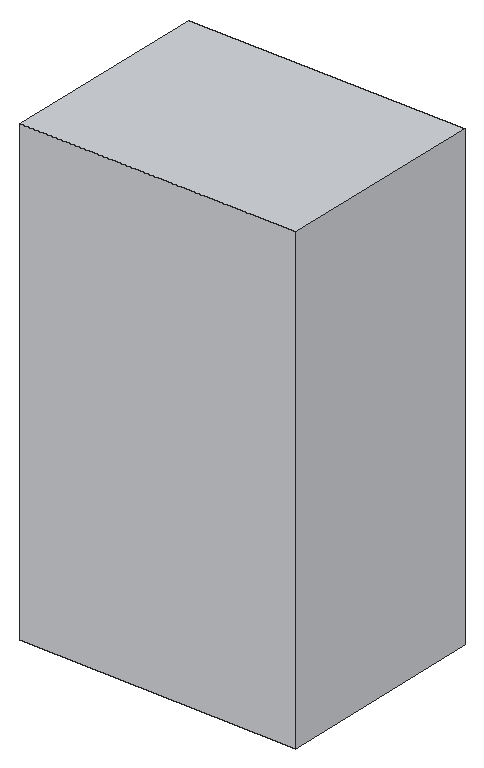
Revit family
Parameters
  Warranty Duration (Years) = 0
  Unit Length [instance] = 0' - 7 3/4"
  URL = "http://www.americanspecialties.com/viewCategories.cfm"
  Test Data = ""
  Trim Material = Metal - Chrome
  Specification = "http://www.arcat.com/sdspecs/htm/10810asi.htm"
  SpecWizard = ""
  Send Message = "http://www.arcat.com/users.pl?action=UserEmail&company=American%20Specialties,%20Inc.&coid=30448&rep=139&fax=914-476-0688&mf="
  Sales Information = "http://www.americanspecialties.com/contact"
  Revision = "R1_10-2010"
  Product Properties = "http://www.americanspecialties.com/datasheets/0715.pdf"
  Product Data = "http://www.arcat.com/arcatcos/cos30/arc30448.html"
  Model = "As Specified in 10 28 13"
  Manufacturer Website = "http://www.americanspecialties.com/viewCategories.cfm"
  Manufacturer Phone - Toll Free = ""
  Manufacturer Phone = "914-476-9000 "
  Manufacturer Fax = "914-476-0688"
  Manufacturer Address = "441 Saw Mill River Rd., Yonkers, NY 10701"
  Manufacturer = "American Specialties, Inc."
  Maintenance Schedule (Months) = 0
  Keynote = "10 28 13"
  Installation-Fabrication = "http://www.americanspecialties.com/products.cfm"
  Green Building-LEED = ""
  Expected Lifespan (Years) = 0
  Body Material = Metal - Chrome
  Drawn By = "Robert S. Weygant. CSI, CDT, SCIP"  # constant formula
  Description = "Toilet Accessory as Specified in 10 28 13"
  Default Elevation = 4' - 0"
  Copyright = "©Arcat Inc."
  Construction Details = "http://www.arcat.com/green/clients/leed_data_30448.html"
  Building Codes = "http://www.americanspecialties.com/products.cfm"
  Assembly Code = "C1030210"
Reference planes (in)
  plane 1 "Center (Front/Back)": y = -0.29112
  plane 2 "Floor Line": z = 0
  plane 3 "Center (Left/Right)": x = -0.65843
  plane 4: z = 0.125
  plane 5: y = 1.08388
  plane 6: y = -1.66612
  plane 7: x = -6.84593
  plane 8: x = 5.52907
  plane 9: z = 4.25
  plane 10: x = 5.27907
  plane 11: x = 4.77907
  plane 12: x = -6.59593
  plane 13: x = -6.09593
  plane 14: x = -1.15843
  plane 15: x = -0.15843
  plane 16: z = 3.5
  plane 17: x = -1.65843
  plane 18: x = 0.34157
  plane 19: x = 4.77907
  plane 20: z = 3.4375
Forms (in)
  Extrusion 1, solid
    sketch origin (-3, -9, -6) x (0, 0, -1) y (1, 0, 0)
      loop
        line (-82, 26) -> (-82, -19.34712) -> (-6, -19.34712) -> (-6, 26) -> (-82, 26)
    from 9 to -25.60721
  Extrusion 2, solid, material "Metal - Chrome" <- "Body Material"
    sketch origin (4.0073, 1.98146, 0) x (1, 0, 0) y (0, 1, 0)
      loop
        arc (-10.72823, -0.89758) -> (-10.81662, -0.93419) -> (-10.85323, -1.02258) r 0.125
        line (-10.85323, -1.02258) -> (-10.85323, -3.52258)
        arc (-10.85323, -3.52258) -> (-10.81662, -3.61097) -> (-10.72823, -3.64758) r 0.125
        line (-10.72823, -3.64758) -> (1.39677, -3.64758)
        arc (1.39677, -3.64758) -> (1.48516, -3.61097) -> (1.52177, -3.52258) r 0.125
        line (1.52177, -3.52258) -> (1.52177, -1.02258)
        arc (1.52177, -1.02258) -> (1.48516, -0.93419) -> (1.39677, -0.89758) r 0.125
        line (1.39677, -0.89758) -> (-10.72823, -0.89758)
    from 0 to 0.125
  Extrusion 3, solid, material "Metal - Chrome" <- "Body Material"
    sketch origin (0, -0.29112, 0) x (1, 0, 0) y (0, 0, 1)
      loop
        line (5.27907, 0.125) -> (5.27907, 4.25) -> (5.21657, 4.25) -> (5.21657, 3.24255) -> (5.18738, 3.21336) -> (5.11892, 0.48919)
        arc (5.11892, 0.48919) -> (5.11388, 0.46612) -> (5.10063, 0.44657) r 0.0625
        line (5.10063, 0.44657) -> (5.05719, 0.40313)
        arc (5.05719, 0.40313) -> (5.03638, 0.37197) -> (5.02907, 0.33522) r 0.09603
        line (5.02907, 0.33522) -> (5.02907, 0.125) -> (5.27907, 0.125)
    from -1 to 1
  Extrusion 4, solid, material "Metal - Chrome" <- "Body Material"
    sketch origin (-1.31687, -0.29112, 0) x (-1, 0, 0) y (0, 0, -1)
      loop
        line (5.27907, -0.125) -> (5.02907, -0.125) -> (5.02907, -0.33522)
        arc (5.02907, -0.33522) -> (5.03638, -0.37197) -> (5.05719, -0.40313) r 0.09603
        line (5.05719, -0.40313) -> (5.10063, -0.44657)
        arc (5.10063, -0.44657) -> (5.11388, -0.46612) -> (5.11892, -0.48919) r 0.0625
        line (5.11892, -0.48919) -> (5.18738, -3.21336) -> (5.21657, -3.24255) -> (5.21657, -4.25) -> (5.27907, -4.25) -> (5.27907, -0.125)
    from -1 to 1
  Extrusion 5, solid, material "Metal - Chrome" <- "Body Material"
    sketch origin (-6.4375, -0.29112, 0) x (1, 0, 0) y (0, 0, 1)
      loop
        line (5.27907, 0.125) -> (5.27907, 4.25) -> (5.21657, 4.25) -> (5.21657, 3.24255) -> (5.18738, 3.21336) -> (5.11892, 0.48919)
        arc (5.11892, 0.48919) -> (5.11388, 0.46612) -> (5.10063, 0.44657) r 0.0625
        line (5.10063, 0.44657) -> (5.05719, 0.40313)
        arc (5.05719, 0.40313) -> (5.03638, 0.37197) -> (5.02907, 0.33522) r 0.09603
        line (5.02907, 0.33522) -> (5.02907, 0.125) -> (5.27907, 0.125)
    from -1 to 1
  Extrusion 6, solid, material "Metal - Chrome" <- "Body Material"
    sketch origin (5.12063, -0.29112, 0) x (-1, 0, 0) y (0, 0, -1)
      loop
        line (5.27907, -0.125) -> (5.02907, -0.125) -> (5.02907, -0.33522)
        arc (5.02907, -0.33522) -> (5.03638, -0.37197) -> (5.05719, -0.40313) r 0.09603
        line (5.05719, -0.40313) -> (5.10063, -0.44657)
        arc (5.10063, -0.44657) -> (5.11388, -0.46612) -> (5.11892, -0.48919) r 0.0625
        line (5.11892, -0.48919) -> (5.18738, -3.21336) -> (5.21657, -3.24255) -> (5.21657, -4.25) -> (5.27907, -4.25) -> (5.27907, -0.125)
    from -1 to 1
  Extrusion 7, void
    sketch origin (-0.65843, 0, 0) x (0, 1, 0) y (0, 0, 1)
      loop
        line (0.70888, 0.48919) -> (0.79861, 0.48919) -> (0.79861, 4.34735) -> (-1.38085, 4.34735) -> (-1.38085, 0.48919) -> (-1.29112, 0.48919) -> (-0.88649, 3.0439)
        arc (-0.88649, 3.0439) -> (-0.29112, 4.25) -> (0.30426, 3.0439) r 0.75
        line (0.30426, 3.0439) -> (0.70888, 0.48919)
    from -6.1875 to 6.1875
  Extrusion 8, solid, material "Metal - Chrome" <- "Body Material"
    sketch origin (-0.65843, 0, 0) x (0, 1, 0) y (0, 0, -1)
      loop
        circle (-0.29112, -3.5) r 0.5
    from 5.4375 to 5.875
  Extrusion 9, solid, material "Metal - Chrome" <- "Body Material"
    sketch origin (-7.09593, 0, 0) x (0, 1, 0) y (0, 0, 1)
      loop
        circle (-0.29112, 3.5) r 0.5
    from 5.4375 to 5.875
  Extrusion 10, solid, material "Metal - Chrome" <- "Body Material"
    sketch origin (-0.65843, 0, 0) x (0, 1, 0) y (0, 0, 1)
      loop
        circle (-0.29112, 3.5) r 0.5
    from 5.4375 to 5.875
  Extrusion 11, solid, material "Metal - Chrome" <- "Body Material"
    sketch origin (5.77907, 0, 0) x (0, 1, 0) y (0, 0, -1)
      loop
        circle (-0.29112, -3.5) r 0.5
    from 5.4375 to 5.875
  Extrusion 12, solid, material "Metal - Chrome" <- "Body Material"
    sketch origin (0, 0, 0) x (1, 0, 0) y (0, 1, 0)
      loop
        line (-6.09593, -0.11645) -> (-6.09593, -0.47329) -> (-5.85321, -0.54112) -> (-1.65843, -0.54112) -> (-1.65843, -0.04112) -> (-5.85321, -0.04112) -> (-6.09593, -0.11645)
    from 3.4375 to 3.5
  Extrusion 13, solid, material "Metal - Chrome" <- "Body Material"
    sketch origin (-1.31687, 0, 0) x (-1, 0, 0) y (0, -1, 0)
      loop
        line (-6.09593, 0.11645) -> (-5.85321, 0.04112) -> (-1.65843, 0.04112) -> (-1.65843, 0.54112) -> (-5.85321, 0.54112) -> (-6.09593, 0.47329) -> (-6.09593, 0.11645)
    from 3.4375 to 3.5
  Extrusion 14, solid, material "Metal - Chrome" <- "Body Material"
    sketch origin (0, -0.29112, 0) x (1, 0, 0) y (0, 0, 1)
      loop
        line (2.77907, 3.5) -> (3.62381, 3.5)
        arc (3.62381, 3.5) -> (4.17846, 3.73702) -> (4.77907, 3.79261) r 1.94386
        line (4.77907, 3.79261) -> (4.77907, 3.85523)
        arc (4.77907, 3.85523) -> (4.16996, 3.79933) -> (3.60601, 3.5625) r 2.00636
        line (3.60601, 3.5625) -> (2.77907, 3.5625) -> (2.77907, 3.5)
    from -0.17467 to 0.18217
  Extrusion 15, solid, material "Metal - Chrome" <- "Body Material"
    sketch origin (-1.31687, -0.29112, 0) x (-1, 0, 0) y (0, 0, -1)
      loop
        line (2.77907, -3.5) -> (2.77907, -3.5625) -> (3.60601, -3.5625)
        arc (3.60601, -3.5625) -> (4.16996, -3.79933) -> (4.77907, -3.85523) r 2.00636
        line (4.77907, -3.85523) -> (4.77907, -3.79261)
        arc (4.77907, -3.79261) -> (4.17846, -3.73702) -> (3.62381, -3.5) r 1.94386
        line (3.62381, -3.5) -> (2.77907, -3.5)
    from -0.17467 to 0.18217
  Extrusion 16, void
    sketch origin (0, 0, 0) x (1, 0, 0) y (0, 1, 0)
      loop
        circle (-5.59593, -0.29112) r 0.125
      loop
        circle (4.27907, -0.29112) r 0.125
    from 0 to 0.125
  Extrusion 17, solid, material "Metal - Chrome" <- "Body Material"
    sketch origin (0, -0.29112, 0.15935) x (1, 0, 0) y (0, 0, 1)
      loop
        circle (-6.47093, 0.125) r 0.0625
      loop
        circle (5.15407, 0.125) r 0.0625
    from -1 to 1
Cuts and joins
  Extrusion 7 cuts Extrusion 3
  Extrusion 7, Extrusion 16 cuts Extrusion 6
  Extrusion 7, Extrusion 16 cuts Extrusion 5
  Extrusion 7 cuts Extrusion 4
  Extrusion 16 cuts Extrusion 2
  Extrusion 16 cuts Extrusion 9
  Extrusion 16 cuts Extrusion 11
  Extrusion 16 cuts Extrusion 12
  Extrusion 16 cuts Extrusion 13
  Extrusion 16 cuts Extrusion 14
  Extrusion 16 cuts Extrusion 15
Dimensions and locks (in)
  aligned and locked: plane 4 to Extrusion 2
  aligned and locked: plane 7 to Extrusion 2 sketch curve
  aligned and locked: Extrusion 2 sketch curve to plane 8
  aligned and locked: Extrusion 2 sketch curve to plane 6
  aligned and locked: plane 5 to Extrusion 2 sketch curve
  aligned and locked: Extrusion 2 to Extrusion 7  (x2)
  aligned and locked: plane 10 to cut or joined group of Extrusion 3, Extrusion 7
  aligned and locked: plane 12 to cut or joined group of Extrusion 4, Extrusion 7
  aligned and locked: Extrusion 8 to cut or joined group of Extrusion 4, Extrusion 7
  aligned and locked: Extrusion 8 to plane 13
  aligned and locked: cut or joined group of Extrusion 5, Extrusion 7, Extrusion 16 to plane 14
  aligned and locked: cut or joined group of Extrusion 6, Extrusion 7, Extrusion 16 to plane 15
  aligned and locked: cut or joined group of Extrusion 4, Extrusion 7 to Extrusion 8
  aligned and locked: plane 13 to Extrusion 8
  aligned and locked: Extrusion 9 to plane 17
  aligned and locked: Extrusion 9 to cut or joined group of Extrusion 5, Extrusion 7, Extrusion 16
  aligned and locked: Extrusion 11 to cut or joined group of Extrusion 6, Extrusion 7, Extrusion 16
  aligned and locked: Extrusion 10 to cut or joined group of Extrusion 3, Extrusion 7
  aligned and locked: Extrusion 10 to plane 19
  aligned and locked: Extrusion 11 to plane 18
  aligned and locked: plane 17 to Extrusion 12 sketch curve
  aligned and locked: plane 18 to Extrusion 13
  aligned and locked: plane 19 to Extrusion 13
  aligned and locked: plane 16 to Extrusion 12
  aligned and locked: plane 16 to Extrusion 13
  aligned and locked: Extrusion 12 to plane 20
  aligned and locked: Extrusion 13 to plane 20
  aligned and locked: Extrusion 14 sketch curve to Extrusion 13
  aligned and locked: Extrusion 14 sketch curve to plane 19
  aligned and locked: Extrusion 2 to Extrusion 16
  aligned and locked: Extrusion 16 to level
  aligned and locked: Extrusion 17 to cut or joined group of Extrusion 4, Extrusion 7
  aligned and locked: cut or joined group of Extrusion 4, Extrusion 7 to Extrusion 17
